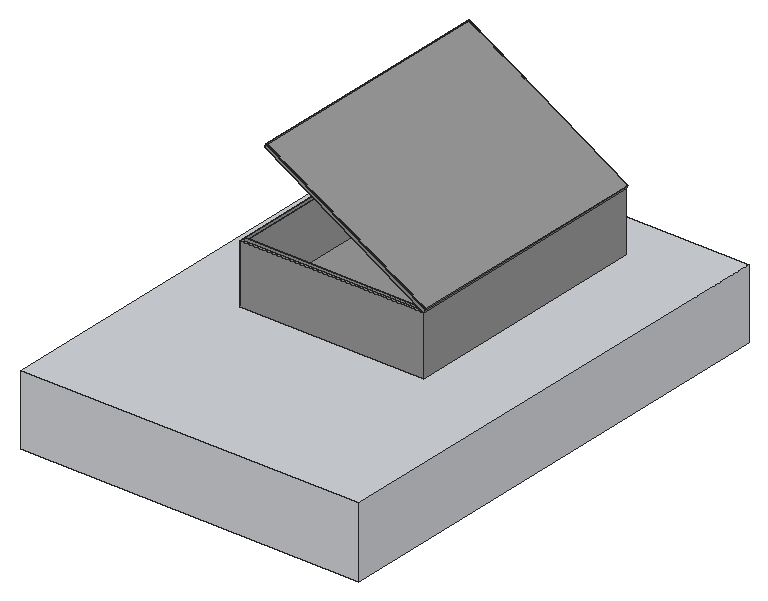
Revit family "Hager-Univers-IP55-D275-H1100-Cl.II-Steel_encl-PL-pl", category Equipement électrique, Revit 2020
Family settings
  Hôte = Face
  Configuration du panneau = Deux colonnes, circuits au sein
  Cote de connecteur circulaire = Utiliser le diamètre
  Type d'élément = Tableau de raccordement
  Couper avec des vides une fois chargée = Non
  Partagée = Non
  Point de calcul de pièce = Non
Parameters (values of type "Montaż natynkowy IP55 S800 W1100 G275  - FR73S")
  Width Control [instance] = if([EF000008 - Szerokość] > Min Width, [EF000008 - Szerokość], Min Width)  # 800 mm
  Commentaires du type = [HG000003 - Zakres]  # "Univers"
  Thickness Door [instance] = if([EF009171 - Drzwi/pokrywa z materiału o wysokiej wytrzymałości mechanicznej] > 3 mm, 3 mm, [EF009171 - Drzwi/pokrywa z materiału o wysokiej wytrzymałości mechanicznej])  # 1.5 mm
  Seal Frame Offset [instance] = 17 mm  # constant formula
  Plinth Visibility [instance] = [HG000027 - Wysokość cokołu] > 0 mm  # no
  Model = ""
  Min Width [instance] = 100 mm  # constant formula
  Min Height [instance] = 100 mm  # constant formula
  Min Depth [instance] = (2 * [EF009170 - Obudowa z materiału o wysokiej wytrzymałości mechanicznej]) + 1 mm  # 4 mm
  Internal Frame Depth [instance] = (Door System Depth * 0.5)  # 9 mm
  Height Control [instance] = if([EF000040 - Wysokość] > Min Height, [EF000040 - Wysokość], Min Height)  # 1100 mm
  HG000027 - Wysokość cokołu = 0 mm
  HG000026 - Stojąca = no
  HG000024 - Wysokość części dolnej = 800 mm
  HG000023 - Obudowa dwusekcyjna = no
  HG000016 - Widoczność drzwi w widoku 3D [instance] = yes
  HG000015 - Przestrzeń robocza - otwarcie drzwi [instance] = no
  HG000014 - Drzwi prawe [instance] = yes
  HG000013 - Drzwi lewe [instance] = not([HG000014 - Drzwi prawe])  # no
  HG000012 - Kąt otwarcia drzwi [instance] = 30.00°
  HG000010 - Drzwi asymetryczne = no
  HG000009 - Drzwi dwuskrzydłowe = no
  HG000006 - Montaż podtynkowy = no
  HG000004 - Referencja producenta = "FR73S"
  HG000003 - Zakres = "Univers"
  HG000002 - Z drzwiami lub pokrywą = yes
  Frame Offset Bottom [instance] = 10 mm  # constant formula
  Frame Offset [instance] = 15 mm  # constant formula
  EF015940 - Pokrywa z wyzwalaczem nadciśnieniowym = no
  EF011959 - Stopień ochrony (NEMA) = ""
  EF009554 - Liczba otworów pod flansze = 6
  Fabricant = "Hager"  # constant formula
  EF009212 - Wykonanie pokrywy = "EV000116 - Zamknięty"
  EF009171 - Drzwi/pokrywa z materiału o wysokiej wytrzymałości mechanicznej = 1.5 mm
  EF009170 - Obudowa z materiału o wysokiej wytrzymałości mechanicznej = 1.5 mm
  EF008873 - Prąd znamionowy (In) = 800 A
  EF007800 - Do ochrony odgromowej = no
  EF006306 - Z zamkiem = no
  EF006244 - Transparentna pokrywa/drzwi = no
  EF005474 - Stopień ochrony (IP) = "EV006420 - IP55"
  EF004464 - Rodzaj drzwi = "EV002646 - Pojedynczy"
  EF004427 - Liczba modułów = 252
  EF004293 - Odporność udarowa = "EV008784 - IK10"
  EF003532 - Do zastosowań zewnętrznych = no
  EF002950 - Szerokość wyrażona liczbą modułów = 24
  EF001613 - Podtrzymanie funkcji = "EV000494 - Brak"
  EF001596 - Materiał obudowy = "EV000179 - Stal"
  EF001131 - Głębokość wewnętrzna = 275 mm
  EF001088 - Możliwość rozbudowy = yes
  EF000437 - Liczba wejść kablowych = 6
  EF000339 - Rodzaj pokrywy = "EV004216 - Drzwi"
  EF000266 - Liczba rzędów = 7
  EF000218 - Głębokość wbudowania = 0 mm
  EF000118 - Z płytą montażową = no
  EF000116 - Numer RAL = "7035"
  EF000049 - Głębokość = 275 mm
  EF000040 - Wysokość = 1100 mm
  EF000008 - Szerokość = 800 mm
  EF000007 - Kolor = "EV000270 - Szary"
  EF000003 - Sposób montażu = "EV000384 - Montaż natynkowy"
  Door System Leaf Tolerance [instance] = 1.5 mm  # constant formula
  Door System Depth [instance] = 18 mm  # constant formula
  Door Height [instance] = Height Control - [HG000027 - Wysokość cokołu]  # 1100 mm
  Depth Control [instance] = if([EF000049 - Głębokość] > Min Depth, [EF000049 - Głębokość], Min Depth)  # 275 mm
  Default Elevation = 0 mm
  Connector Offset [instance] = Height Control / 2  # 550 mm
  Bottom Top Plate Trim [instance] = 1.5 mm  # constant formula
  Plinth height Ctrl [instance] = if([HG000027 - Wysokość cokołu] > 0 mm, [HG000027 - Wysokość cokołu], 12 mm)  # 12 mm
Types (5, lengths in mm): name | Width Control | HG000010 - Drzwi asymetryczne | HG000009 - Drzwi dwuskrzydłowe | HG000004 - Referencja producenta | EF009554 - Liczba otworów pod flansze | EF004464 - Rodzaj drzwi | EF004427 - Liczba modułów | EF000437 - Liczba wejść kablowych | EF000008 - Szerokość
  Montaż natynkowy IP55 S1050 W1100 G275  - FR74S | 1050 | no | yes | "FR74S" | 8 | "EV003602 - Podwójny" | 336 | 8 | 1050
  Montaż natynkowy IP55 S1300 W1100 G275  - FR75S | 1300 | yes | yes | "FR75S" | 10 | "EV003602 - Podwójny" | 420 | 10 | 1300
  Montaż natynkowy IP55 S300 W1100 G275  - FR71S | 300 | no | no | "FR71S" | 2 | "EV002646 - Pojedynczy" | 84 | 2 | 300
  Montaż natynkowy IP55 S550 W1100 G275  - FR72S | 550 | no | no | "FR72S" | 4 | "EV002646 - Pojedynczy" | 168 | 4 | 550
  Montaż natynkowy IP55 S800 W1100 G275  - FR73S | 800 | no | no | "FR73S" | 6 | "EV002646 - Pojedynczy" | 252 | 6 | 800
Reference planes
  plane 1 "Center (Front/Back)": y = 0
  plane 2: z = 0
  plane 3 "Center (Left/Right)": x = 0
  plane 4: z = 275
  plane 5: y = 1.5
  plane 6: y = 550
  plane 7: y = 0
  plane 8: y = 1100
  plane 9: z = 0
  plane 10: x = -385
  plane 11: x = 385
  plane 12: x = 383.5
  plane 13: x = -383.5
  plane 14: y = 1098.5
  plane 15: x = -383
  plane 16: x = -400
  plane 17: x = 383
  plane 18: x = 400
  plane 19: x = 398.5
  plane 20: x = -398.5
  plane 21: y = 11.5
  plane 22: y = 1100
  plane 23: y = 1083.5
  plane 24: z = 257
  plane 25: z = 1.5
  plane 26: z = 255.5
  plane 27: z = 273.5
Forms (mm)
  Extrusion 1, solid
    sketch origin (0, 0, 0) x (1, 0, 0) y (0, 1, 0)
      loop
        line (-702.964, 1305) -> (-702.964, -811.445) -> (766.763, -811.445) -> (766.763, 1305) -> (-702.964, 1305)
    from 0 to -304.8
  Extrusion 2, solid, material "Hager_Steel_RAL7035_Light_Grey", visible <- "Plinth Visibility", detail levels medium+fine
    sketch origin (0, 0, 0) x (1, 0, 0) y (0, 1, 0)
      loop
        line (-400, 0) -> (400, 0) -> (400, 12) -> (-400, 12) -> (-400, 0)
    from 0 to 257
  Extrusion 3, solid, material "Hager_Steel_RAL7035_Light_Grey", detail levels medium+fine
    sketch origin (0, 0, 0) x (1, 0, 0) y (0, 1, 0)
      loop
        line (-400, 0) -> (400, 0) -> (400, 1100) -> (-400, 1100) -> (-400, 0)
    from 0 to 257
  Extrusion 4, void
    sketch origin (0, 0, 0) x (1, 0, 0) y (0, 1, 0)
      loop
        line (-398.5, 1.5) -> (398.5, 1.5) -> (398.5, 1098.5) -> (-398.5, 1098.5) -> (-398.5, 1.5)
    from 1.5 to 255.5
  Extrusion 5, void
    sketch origin (-381.607, -4572, 257) x (0, -1, 0) y (-1, 0, 0)
      loop
        line (-4583.5, 1.893) -> (-5655.5, 1.893) -> (-5655.5, -765.107) -> (-4583.5, -765.107) -> (-4583.5, 1.893)
    from 0 to 1.5 <- "EF009170 - Obudowa z materiału o wysokiej wytrzymałości mechanicznej"
  Extrusion 6, solid, material "Hager_Steel_RAL7035_Light_Grey", detail levels fine
    sketch origin (0, 0, 257) x (1, 0, 0) y (0, 1, 0)
      loop
        line (-383.5, 1083.5) -> (-383.5, 11.5) -> (383.5, 11.5) -> (383.5, 1083.5) -> (-383.5, 1083.5)
      loop
        line (-385, 10) -> (385, 10) -> (385, 1085) -> (-385, 1085) -> (-385, 10)
    from 0 to 9 <- "Internal Frame Depth"
  Extrusion 7, solid, material "Hager_Steel_RAL7035_Light_Grey", detail levels coarse
    sketch origin (0, 0, 0) x (1, 0, 0) y (0, 1, 0)
      loop
        line (-400, 0) -> (400, 0) -> (400, 1100) -> (-400, 1100) -> (-400, 0)
    from 0 to 275
  Sweep 8, void
    path in 3D
      loop
        line (-400, 12, 0) -> (400, 12, 0) -> (400, 12, 257) -> (-400, 12, 257) -> (-400, 12, 0)
    profile origin (-400, 12, 128.5) x (-1, 0, 0) y (0, -1, 0)
      loop
        line (0, 0) -> (0, 1.5) -> (-1.5, 1.5)
        arc (-1.5, 1.5) -> (-1.061, 0.439) -> (0, 0) r 1.5
Cuts and joins
  Extrusion 4, Extrusion 5 cuts Extrusion 3
  Sweep 8 cuts Extrusion 2
Lines and regions (mm)
  Masking region 1
    outline origin (0, 0, 0) x (1, 0, 0) y (0, 0, 1)
      loop
        line (-400, 275) -> (-400, 0) -> (400, 0) -> (400, 275) -> (-400, 275)
  Masking region 2, detail levels medium+fine
    outline origin (0, 140, 0) x (0, 1, 0) y (0, 0, 1)
      loop
        line (-140, 0) -> (960, 0) -> (960, 257) -> (-140, 257) -> (-140, 0)
  Masking region 3, not visible, detail levels medium+fine
    outline origin (0, 297.922, 0) x (0, 1, 0) y (0, 0, 1)
      loop
        line (263.578, 0) -> (303.578, 0) -> (303.578, 263.5)
        arc (303.578, 263.5) -> (300.649, 270.571) -> (293.578, 273.5) r 10
        line (293.578, 273.5) -> (263.578, 273.5) -> (263.578, 0)
  Masking region 4, detail levels coarse
    outline origin (0, 0, 180) x (0, 1, 0) y (0, 0, 1)
      loop
        line (0, -180) -> (1100, -180) -> (1100, 95) -> (0, 95) -> (0, -180)
  Masking region 5, visible <- "Plinth Visibility", detail levels medium+fine
    outline origin (0, 52.24, 12.345) x (0, 0, -1) y (0, 1, 0)
      loop
        line (10.845, -40.24) -> (-243.155, -40.24)
        arc (-243.155, -40.24) -> (-243.594, -41.301) -> (-244.655, -41.74) r 1.5
        line (-244.655, -41.74) -> (-244.655, -52.24) -> (12.345, -52.24) -> (12.345, -41.74)
        arc (12.345, -41.74) -> (11.285, -41.301) -> (10.845, -40.24) r 1.5
  Masking region 6, detail levels medium+fine
    outline origin (-381.607, -4572, 257) x (-1, 0, 0) y (0, -1, 0)
      loop
        line (18.393, -5672) -> (18.393, -4572) -> (-781.607, -4572) -> (-781.607, -5672) -> (18.393, -5672)
  Masking region 7, visible <- "Plinth Visibility", detail levels medium+fine
    outline origin (-381.607, -4727, 257) x (-1, 0, 0) y (0, -1, 0)
      loop
        arc (16.893, -4739) -> (17.332, -4737.939) -> (18.393, -4737.5) r 1.5
        line (18.393, -4737.5) -> (18.393, -4727) -> (-781.607, -4727) -> (-781.607, -4737.5)
        arc (-781.607, -4737.5) -> (-780.546, -4737.939) -> (-780.107, -4739) r 1.5
        line (-780.107, -4739) -> (16.893, -4739)
  Masking region 8, detail levels coarse
    outline origin (-442.548, -4669.526, 257) x (-1, 0, 0) y (0, -1, 0)
      loop
        line (-42.548, -5769.526) -> (-42.548, -4669.526) -> (-842.548, -4669.526) -> (-842.548, -5769.526) -> (-42.548, -5769.526)
  sketch lines
    curve 1: line (-400, 12, 257) -> (-400, 12, 0)
    curve 2: line (400, 12, 257) -> (-400, 12, 257)
    curve 3: line (400, 12, 257) -> (400, 12, 0)
    curve 4: line (-400, 12, 0) -> (400, 12, 0)
Dimensions and locks
  "Depth Control": plane 4 to Extrusion 1
  "HG000027 - Wysokość cokołu": plane 1 "Center (Front/Back)" to plane 7
  "EF009170 - Obudowa z materiału o wysokiej wytrzymałości mechanicznej": plane 5 to plane 7
  locked: connector elem to plane 3 "Center (Left/Right)"
  equal spacing: plane 8, plane 6, plane 7
  locked: connector elem to plane 6
  "EF009170 - Obudowa z materiału o wysokiej wytrzymałości mechanicznej": plane 8 to plane 14
  "EF009170 - Obudowa z materiału o wysokiej wytrzymałości mechanicznej": plane 10 to plane 13
  "EF009170 - Obudowa z materiału o wysokiej wytrzymałości mechanicznej": plane 12 to plane 11
  "Frame Offset": plane 20 to plane 13
  "Frame Offset": plane 12 to plane 19
  "EF009170 - Obudowa z materiału o wysokiej wytrzymałości mechanicznej": plane 16 to plane 20
  "EF009170 - Obudowa z materiału o wysokiej wytrzymałości mechanicznej": plane 19 to plane 18
  "Seal Frame Offset": plane 16 to plane 15
  "Seal Frame Offset": plane 17 to plane 18
  "Frame Offset Bottom": plane 21 to plane 5
  "Frame Offset": plane 14 to plane 23
  equal spacing: plane 16, plane 3 "Center (Left/Right)", plane 18
  "Width Control": plane 16 to plane 18
  "EF009170 - Obudowa z materiału o wysokiej wytrzymałości mechanicznej": plane 4 to plane 27
  "EF009170 - Obudowa z materiału o wysokiej wytrzymałości mechanicznej": plane 24 to plane 26
  "EF009170 - Obudowa z materiału o wysokiej wytrzymałości mechanicznej": plane 25 to level
  "Door System Depth": plane 4 to plane 24
  "Height Control": plane 1 "Center (Front/Back)" to Extrusion 7 sketch curve
  "Height Control": Masking region 4 sketch curve to plane 1 "Center (Front/Back)"
  "Height Control": plane 1 "Center (Front/Back)" to plane 22
  "Bottom Top Plate Trim": profile plane to Sweep 8 sketch curve
  "Bottom Top Plate Trim": Sweep 8 sketch curve to profile plane
  "Plinth height Ctrl": plane 1 "Center (Front/Back)" to Extrusion 2 sketch curve
  "Plinth height Ctrl": Masking region 5 sketch curve to plane 1 "Center (Front/Back)"
  "Plinth height Ctrl": plane 1 "Center (Front/Back)" to Masking region 7 sketch curve
  "Thickness Door": Extrusion 6 sketch curve to Extrusion 6 sketch curve  (x3)
  "Thickness Door": cut or joined group of Extrusion 3, Extrusion 4, Extrusion 5 to Extrusion 6 sketch curve
  radius of Masking region 3 sketch curve = 10 mm
  "Bottom Top Plate Trim": radius of Masking region 5 sketch curve  (x2)
  "Bottom Top Plate Trim": radius of Sweep 8 sketch curve
  "Bottom Top Plate Trim": radius of Masking region 7 sketch curve  (x2)
  aligned and locked: plane 2 to Extrusion 1
  aligned and locked: level to Extrusion 1
  aligned and locked: level to Masking region 1 sketch curve
  aligned and locked: Masking region 1 sketch curve to plane 18
  aligned and locked: Masking region 1 sketch curve to plane 16
  aligned and locked: plane 7 to Masking region 2 sketch curve
  aligned and locked: level to Masking region 3 sketch curve
  aligned and locked: Masking region 3 sketch curve to plane 27
  aligned and locked: level to Masking region 2 sketch curve
  aligned and locked: plane 1 "Center (Front/Back)" to Extrusion 2 sketch curve
  aligned and locked: Extrusion 3 sketch curve to plane 7
  aligned and locked: plane 16 to Extrusion 3 sketch curve
  aligned and locked: plane 18 to Extrusion 3 sketch curve
  aligned and locked: plane 20 to Extrusion 4 sketch curve
  aligned and locked: plane 19 to Extrusion 4 sketch curve
  aligned and locked: Extrusion 4 sketch curve to plane 5
  aligned and locked: Extrusion 4 to plane 25
  aligned and locked: plane 26 to Extrusion 4
  aligned and locked: plane 24 to Extrusion 3
  aligned and locked: Extrusion 5 sketch curve to plane 21
  aligned and locked: Extrusion 5 sketch curve to plane 13
  aligned and locked: Extrusion 5 sketch curve to plane 12
  aligned and locked: plane 18 to Extrusion 7 sketch curve
  aligned and locked: plane 1 "Center (Front/Back)" to Extrusion 7 sketch curve
  aligned and locked: plane 16 to Extrusion 7 sketch curve
  aligned and locked: plane 4 to Extrusion 7
  aligned and locked: Extrusion 7 to level
  aligned and locked: level to Masking region 4 sketch curve
  aligned and locked: Masking region 4 sketch curve to plane 1 "Center (Front/Back)"
  aligned and locked: Masking region 4 sketch curve to plane 4
  aligned and locked: nested 1 to level
  aligned and locked: nested 1 to plane 16
  aligned and locked: plane 8 to Extrusion 3 sketch curve
  aligned and locked: plane 23 to Extrusion 5 sketch curve
  aligned and locked: plane 14 to Extrusion 4 sketch curve
  aligned and locked: Masking region 2 sketch curve to plane 8
  aligned and locked: level to Masking region 5 sketch curve
  aligned and locked: plane 16 to Extrusion 2 sketch curve
  aligned and locked: plane 18 to Extrusion 2 sketch curve
  aligned and locked: Masking region 5 sketch curve to plane 24
  aligned and locked: Masking region 2 sketch curve to plane 24
  aligned and locked: plane 24 to Extrusion 2
  aligned and locked: profile plane to Sweep 8 sketch curve  (x2)
  aligned and locked: Masking region 6 sketch curve to plane 18
  aligned and locked: Masking region 6 sketch curve to plane 22
  aligned and locked: Masking region 6 sketch curve to plane 16
  aligned and locked: plane 8 to plane 22
  aligned and locked: Masking region 6 sketch curve to plane 7
  aligned and locked: Masking region 7 sketch curve to plane 16
  aligned and locked: Masking region 7 sketch curve to plane 1 "Center (Front/Back)"
  aligned and locked: Masking region 7 sketch curve to plane 18
  aligned and locked: Masking region 8 sketch curve to plane 1 "Center (Front/Back)"
  aligned and locked: Masking region 8 sketch curve to plane 18
  aligned and locked: Masking region 8 sketch curve to plane 22
  aligned and locked: Masking region 8 sketch curve to plane 16
  aligned and locked: nested 2 to plane 7
  aligned and locked: plane 3 "Center (Left/Right)" to nested 2
  aligned and locked: nested 2 to plane 24
  aligned and locked: Extrusion 6 sketch curve to cut or joined group of Extrusion 3, Extrusion 4, Extrusion 5  (x4)
Automatic sketch dimensions
  Extrusion 1 sketch curve to Extrusion 1 sketch curve = 1469.727 mm
  Extrusion 1 sketch curve to Extrusion 1 sketch curve = 2116.445 mm
  Masking region 1 sketch curve to plane 4 = 0 mm
  plane 6 to Masking region 3 sketch curve = 11.5 mm
  Masking region 3 sketch curve to Masking region 3 sketch curve = 30 mm
  Masking region 5 sketch curve to plane 1 "Center (Front/Back)" = 0 mm
Nested families
  nested 1: "Hager_Enclosure_Symbol" at (-400, 0, 0) x (1, 0, 0) z (0, -1, 0), Height <- "Depth Control", Width <- "Width Control", type "Hager_Enclosure_Symbol"
    with Width_Ctrl 800 mm, Width 800 mm, Height_Ctrl 275 mm, Height 275 mm, A_Width_Int 18.047 mm, A_Width 216.562 mm, A_Height_Ctrl 240.625 mm, A_Height 240.625 mm
  nested 2: "EC000058_Univers_Door" at (0, 0, 257) x (1, 0, 0) z (0, 1, 0), Leaf_Tolerance <- "Door System Leaf Tolerance", Angle <- "HG000012 - Kąt otwarcia drzwi", Door_Depth <- "Door System Depth", Door_Left <- "HG000013 - Drzwi lewe", Transparent <- "EF006244 - Transparentna pokrywa/drzwi", Assymetrical <- "HG000010 - Drzwi asymetryczne", Width <- "Width Control", Clearance <- "HG000015 - Przestrzeń robocza - otwarcie drzwi", Double <- "HG000009 - Drzwi dwuskrzydłowe", 3d_Door <- "HG000016 - Widoczność drzwi w widoku 3D", Lock_Visibility <- "EF006306 - Z zamkiem", Width_Ctrl <- "Width Control", Door_Right <- "HG000014 - Drzwi prawe", Door <- "HG000002 - Z drzwiami lub pokrywą", Height <- "Door Height", Thickness <- "Thickness Door", type "EC000058_Univers_Door", detail levels medium+fine
    with min_wh 4 mm, Width_Ctrl 800 mm, Width 800 mm, Transparent no, Thickness 1.5 mm, Seal_Material Hager_Rubber, Lock_Visibility no, Lock_Material Hager_Plastic_RAL9005_Jet_Black, Leaf_Width 800 mm, Leaf_Tolerance_External_Sides 0 mm, Leaf_Tolerance 1.5 mm, Leaf_Offset 0 mm, Leaf_Height 1097 mm, Leaf_2_Width 800 mm, Leaf_2_Offset 400 mm, Leaf_1_Width 800 mm, Leaf_1_Offset 400 mm, Height_Ctrl 1100 mm, Height 1100 mm, Glass_Material Hager_Glass, Double_Clearance_Ctrl no, Double no, Door_Right_Ctrl yes, Door_Right yes, Door_Material Hager_Steel_RAL7035_Light_Grey, Door_Left_Ctrl no, Door_Left no, Door_Depth 18 mm, Door yes, Clearance_Material Hager_Clearance, Clearance_Depth 800 mm, Clearance_Ctrl no, Clearance no, Assymetrical no, Angle 30.00°, 3d_Door yes
Connectors
  electrical at (0, 550, 0)
    settings: on plane 9, index 1, voltage 0 V, apparent load 0 VA, apparent load phase1 0 VA, apparent load phase2 0 VA, apparent load phase3 0 VA, power factor 1, load classification "Other", number of poles 1, system type 30, power factor state 1, is connector primary yes, connector utility no, sub classification motor no, connector description ""
Definition of nested family "EC000058_Univers_Door"
  Parameters (values of type "EC000058_Univers_Door")
    min_wh [instance] = (2 * Thickness) + 1 mm  # 11 mm
    Width_Ctrl [instance] = 400 mm
    Width [instance] = 500 mm
    Transparent [instance] = yes
    Thickness [instance] = 5 mm
    Seal_Material [instance] = none
    Lock_Visibility [instance] = yes
    Lock_Material [instance] = none
    Leaf_Width [instance] = if((Width_Ctrl - 2 * Leaf_Tolerance_External_Sides) > 0 mm, (Width_Ctrl - 2 * Leaf_Tolerance_External_Sides), min_wh)  # 400 mm
    Leaf_Tolerance_External_Sides [instance] = 0 mm  # constant formula
    Leaf_Tolerance [instance] = 1.5 mm
    Leaf_Offset [instance] = 0 mm  # constant formula
    Leaf_Height [instance] = if((Height_Ctrl - 2 * Leaf_Tolerance) > 0 mm, (Height_Ctrl - 2 * Leaf_Tolerance), min_wh)  # 497 mm
    Leaf_2_Width [instance] = if(and(and(Double, Assymetrical), Door_Left), (Leaf_Width / 3) - (Leaf_Tolerance / 2), if(and(and(Double, Assymetrical), Door_Right), (Leaf_Width / 3) * 2 - (Leaf_Tolerance / 2), if(and(Double, not(Assymetrical)), (Leaf_Width / 2) - Leaf_Tolerance, Leaf_Width)))  # 400 mm
    Leaf_2_Offset [instance] = if(and(Double, Assymetrical), Leaf_2_Width / 2, if(and(Double, not(Assymetrical)), Leaf_Width / 4, Leaf_Width / 2))  # 200 mm
    Leaf_1_Width [instance] = if(and(and(Double, Assymetrical), Door_Right), (Leaf_Width / 3) - (Leaf_Tolerance / 2), if(and(and(Double, Assymetrical), Door_Left), (Width / 3) * 2 - (Leaf_Tolerance / 2), if(and(Double, not(Assymetrical)), (Leaf_Width / 2) - Leaf_Tolerance, Leaf_Width)))  # 400 mm
    Leaf_1_Offset [instance] = if(and(Double, Assymetrical), Leaf_1_Width / 2, if(and(Double, not(Assymetrical)), Leaf_Width / 4, Leaf_Width / 2))  # 200 mm
    Height_Ctrl [instance] = if(Height > min_wh, Height, min_wh)  # 500 mm
    Height [instance] = 500 mm
    Glass_Material [instance] = none
    Double_Clearance_Ctrl [instance] = and(Double, Clearance)  # no
    Double [instance] = no
    Door_Right_Ctrl [instance] = and(or(Door_Right, Double), Door)  # yes
    Door_Right [instance] = yes
    Door_Material [instance] = none
    Door_Left_Ctrl [instance] = and(or(Door_Left, Double), Door)  # no
    Door_Left [instance] = no
    Door_Depth [instance] = 30 mm
    Door [instance] = yes
    Default Elevation = 1219.2 mm
    Clearance_Material [instance] = none
    Clearance_Depth [instance] = if(Leaf_1_Width > Leaf_2_Width, Leaf_1_Width, Leaf_2_Width)  # 400 mm
    Clearance_Ctrl [instance] = and(not(Double), Clearance)  # yes
    Clearance [instance] = yes
    Assymetrical [instance] = yes
    Angle [instance] = 30.00°
    3d_Door [instance] = yes
  Reference planes
    plane 1 "Center (Front/Back)": y = 0
    plane 2 "Bottom": z = 0
    plane 3 "Center (Left/Right)": x = 0
    plane 4: z = 500
    plane 5: x = -200
    plane 6: x = 200
    plane 7: z = 500
    plane 8: x = -200
    plane 9: z = 0
    plane 10: x = 200
    plane 11: y = 0
    plane 12: z = 1.5
    plane 13: x = -600
    plane 14: y = -400
    plane 15: x = 600
    plane 16: x = 0
    plane 17: x = 0
    plane 18: x = -200
    plane 19: x = 200
    plane 20: z = 498.5
  Forms (mm)
    Extrusion 1, solid, material <- "Clearance_Material", visible <- "Double_Clearance_Ctrl"
      sketch origin (1200, 0, 0) x (1, 0, 0) y (0, 0, -1)
        loop
          line (-1800, -498.5) -> (-600, -498.5) -> (-600, 0) -> (-1800, 0) -> (-1800, -498.5)
      from 0 to -400
  Dimensions and locks
    equal spacing: plane 5, plane 3 "Center (Left/Right)", plane 6
    "Width_Ctrl": plane 5 to plane 6
    "Leaf_Offset": plane 5 to plane 8
    "Leaf_Offset": plane 6 to plane 10
    "Leaf_Offset": plane 9 to level
    "Leaf_Offset": plane 4 to plane 7
    "Height_Ctrl": plane 4 to level
    "Leaf_Tolerance": plane 12 to plane 9
    locked: plane 11 to plane 1 "Center (Front/Back)"
    "Leaf_1_Offset": plane 18 to plane 16
    "Leaf_2_Offset": plane 17 to plane 19
    "Leaf_1_Width": plane 13 to plane 8
    "Leaf_2_Width": plane 10 to plane 15
    "Clearance_Depth": plane 14 to plane 1 "Center (Front/Back)"
    "Leaf_Tolerance_External_Sides": plane 8 to plane 18
    "Leaf_Tolerance_External_Sides": plane 19 to plane 10
    "Leaf_Tolerance": plane 7 to plane 20
    aligned and locked: level to plane 2 "Bottom"
    aligned and locked: nested 1 to plane 16
    aligned and locked: nested 2 to plane 17
    aligned and locked: Extrusion 1 to plane 13
    aligned and locked: plane 15 to Extrusion 1
    aligned and locked: Extrusion 1 to plane 14
    aligned and locked: plane 12 to nested 1
    aligned and locked: nested 2 to plane 12
    aligned and locked: Extrusion 1 to plane 11
    aligned and locked: plane 20 to Extrusion 1
    aligned and locked: nested 2 to plane 11
    aligned and locked: nested 1 to plane 11
  Automatic sketch dimensions
    Extrusion 1 sketch curve to level = 0 mm
    plane 5 to Extrusion 1 sketch curve = 400 mm
    plane 6 to Extrusion 1 sketch curve = 400 mm
    Extrusion 1 sketch curve to plane 4 = 1.5 mm
  Nested families
    nested 1: "EC000058_Univers_Door_Leaf" at (0, 0, 1.5), Width <- "Leaf_1_Width", visible <- "Door_Left_Ctrl", Leaf_Height <- "Leaf_Height", Angle <- "Angle", 3d_Door <- "3d_Door", Transparent <- "Transparent", Clearance Material <- "Clearance_Material", Clearance <- "Clearance_Ctrl", Door_Material <- "Door_Material", Glass_Material <- "Glass_Material", Door_Depth <- "Door_Depth", Lock_Material <- "Lock_Material", Seal_Material <- "Seal_Material", Lock_Visibility <- "Lock_Visibility", Thickness <- "Thickness", type "EC000058_Univers_Door_Leaf"
      with Width 400 mm, Transparent_Glass_Offset 30 mm, Transparent_Ctrl yes, Transparent yes, Thickness 5 mm, Standard no, Seal_Material none, Seal_D2 8 mm, Seal_D1 1 mm, Offset_Internal_Frame 10 mm, Lock_Width 20 mm, Lock_Visibility_3d yes, Lock_Visibility yes, Lock_Thickness_3 3 mm, Lock_Thickness_2 1 mm, Lock_Thickness_1 3 mm, Lock_Radius_Offset_2 16 mm, Lock_Radius_Offset_1 15 mm, Lock_Radius_2 5 mm, Lock_Radius 6 mm, Lock_Offset 5 mm, Lock_Material none, Lock_Height 80 mm, Lock_Cover_Top_Offset_2d 17 mm, Lock_Cover_Height -65 mm, Leaf_Height 497 mm, Internal_Seal_Thickness 8 mm, Internal_Seal_Depth_2 4.5 mm, Internal_Frame_Depth 25 mm, Glass_Thickness -1 mm, Glass_Offset -2 mm, Glass_Material none, Door_Material none, Door_Depth 30 mm, Clearance Material none, Clearance yes, Angle_Ctrl 30.00°, Angle 30.00°, 3d_Door yes
    nested 2: "EC000058_Univers_Door_Leaf" at (0, 0, 1.5) x (-1, 0, 0) z (0, 0, 1), Width <- "Leaf_2_Width", visible <- "Door_Right_Ctrl", Leaf_Height <- "Leaf_Height", Angle <- "Angle", 3d_Door <- "3d_Door", Transparent <- "Transparent", Clearance Material <- "Clearance_Material", Clearance <- "Clearance_Ctrl", Door_Material <- "Door_Material", Glass_Material <- "Glass_Material", Door_Depth <- "Door_Depth", Lock_Material <- "Lock_Material", Seal_Material <- "Seal_Material", Lock_Visibility <- "Lock_Visibility", Thickness <- "Thickness", type "EC000058_Univers_Door_Leaf"
      with Width 400 mm, Transparent_Glass_Offset 30 mm, Transparent_Ctrl yes, Transparent yes, Thickness 5 mm, Standard no, Seal_Material none, Seal_D2 8 mm, Seal_D1 1 mm, Offset_Internal_Frame 10 mm, Lock_Width 20 mm, Lock_Visibility_3d yes, Lock_Visibility yes, Lock_Thickness_3 3 mm, Lock_Thickness_2 1 mm, Lock_Thickness_1 3 mm, Lock_Radius_Offset_2 16 mm, Lock_Radius_Offset_1 15 mm, Lock_Radius_2 5 mm, Lock_Radius 6 mm, Lock_Offset 5 mm, Lock_Material none, Lock_Height 80 mm, Lock_Cover_Top_Offset_2d 17 mm, Lock_Cover_Height -65 mm, Leaf_Height 497 mm, Internal_Seal_Thickness 8 mm, Internal_Seal_Depth_2 4.5 mm, Internal_Frame_Depth 25 mm, Glass_Thickness -1 mm, Glass_Offset -2 mm, Glass_Material none, Door_Material none, Door_Depth 30 mm, Clearance Material none, Clearance yes, Angle_Ctrl 30.00°, Angle 30.00°, 3d_Door yes
  Definition of nested family "EC000058_Univers_Door_Leaf"
    Parameters (values of type "EC000058_Univers_Door_Leaf")
      Width [instance] = 2000 mm
      Transparent_Glass_Offset [instance] = 30 mm
      Transparent_Ctrl [instance] = and(Transparent, [3d_Door])  # yes
      Transparent [instance] = yes
      Thickness [instance] = 5 mm
      Standard [instance] = and(not(Transparent), [3d_Door])  # no
      Seal_Material [instance] = none
      Seal_D2 [instance] = 8 mm  # constant formula
      Seal_D1 [instance] = 1 mm  # constant formula
      Offset_Internal_Frame [instance] = 10 mm  # constant formula
      Lock_Width [instance] = 20 mm  # constant formula
      Lock_Visibility_3d [instance] = and(Lock_Visibility, [3d_Door])  # yes
      Lock_Visibility [instance] = yes
      Lock_Thickness_3 [instance] = 3 mm  # constant formula
      Lock_Thickness_2 [instance] = 1 mm  # constant formula
      Lock_Thickness_1 [instance] = 3 mm  # constant formula
      Lock_Radius_Offset_2 [instance] = Lock_Radius_Offset_1 + 1 mm  # 16 mm
      Lock_Radius_Offset_1 [instance] = 15 mm  # constant formula
      Lock_Radius_2 [instance] = Lock_Radius - 1 mm  # 5 mm
      Lock_Radius [instance] = 6 mm  # constant formula
      Lock_Offset [instance] = 5 mm  # constant formula
      Lock_Material [instance] = none
      Lock_Height [instance] = 80 mm  # constant formula
      Lock_Cover_Top_Offset_2d [instance] = Lock_Radius_Offset_2 + 1 mm  # 17 mm
      Lock_Cover_Height [instance] = -(Lock_Height - Lock_Radius_Offset_1)  # -65 mm
      Leaf_Height [instance] = 2720.336 mm
      Internal_Seal_Thickness [instance] = 8 mm  # constant formula
      Internal_Seal_Depth_2 [instance] = 4.5 mm  # constant formula
      Internal_Frame_Depth [instance] = if(Door_Depth - Thickness > 5 mm, Door_Depth - Thickness, 5 mm)  # 25 mm
      Glass_Thickness [instance] = if(Thickness > 15 mm, Glass_Offset + 10 mm, -1 mm)  # -1 mm
      Glass_Offset [instance] = if(Thickness > 15 mm, -(Thickness + 10 mm) / 2, -2 mm)  # -2 mm
      Glass_Material [instance] = none
      Door_Material [instance] = none
      Door_Depth [instance] = 30 mm
      Default Elevation = 0 mm
      Clearance Material [instance] = none
      Clearance [instance] = yes
      Angle_Ctrl [instance] = if(Angle > 180.00°, 180.00°, Angle)  # 90.00°
      Angle [instance] = 90.00°
      3d_Door [instance] = yes
    Reference planes
      plane 1 "Center (Front/Back)": y = 0
      plane 2: z = 0
      plane 3 "Center (Left/Right)": x = 0
      plane 4: y = 2000
      plane 5: x = -1000
      plane 6: x = 1000
      plane 7: x = -3000
      plane 8: z = 2720.336
      plane 9: z = 30
      plane 10: z = 2690.336
      plane 11: x = 970
      plane 12: x = -970
      plane 13: y = -3
      plane 14: z = 107.833
      plane 15: y = -5
      plane 16: y = -223.314
      plane 17: x = -1000
      plane 18: z = 1360.168
      plane 19: y = 30
    Forms (mm)
      Extrusion 1, solid, material <- "Clearance Material", visible <- "Clearance"
        sketch origin (0, 0, 0) x (1, 0, 0) y (0, 0, 1)
          loop
            line (-3000, 2720.336) -> (-3000, 0) -> (1000, 0) -> (1000, 2720.336) -> (-3000, 2720.336)
        from 0 to -2000
      Extrusion 2, solid, material <- "Door_Material", visible <- "Standard", detail levels medium+fine
        sketch origin (-1000, 0, 0) x (0, 1, 0) y (-1, 0, 0)
          loop
            line (0, 30) -> (0, 25) -> (2000, 25) -> (2000, 30) -> (0, 30)
        from 0 to 2720.336 <- "Leaf_Height"
      Extrusion 3, solid, material <- "Door_Material", visible <- "Transparent_Ctrl", detail levels medium+fine
        sketch origin (-1000, 0, 0) x (0, 1, 0) y (-1, 0, 0)
          loop
            line (0, 25) -> (2000, 25) -> (2000, 30) -> (0, 30) -> (0, 25)
        from 0 to 2720.336 <- "Leaf_Height"
      Extrusion 4, void
        sketch origin (-1025, 2000, 0) x (0, 1, 0) y (0, 0, -1)
          loop
            line (-30, -2690.336) -> (-30, -30) -> (-1970, -30) -> (-1970, -2690.336) -> (-30, -2690.336)
        from 0 to 5 <- "Thickness"
      Sweep 5, solid, material <- "Seal_Material", visible <- "Transparent_Ctrl", detail levels fine
        path in 3D
          loop
            line (-1025, 30, 30) -> (-1025, 30, 2690.336) -> (-1025, 1970, 2690.336) -> (-1025, 1970, 30) -> (-1025, 30, 30)
        profile origin (-1025, 1000, 30) x (1, 0, 0) y (0, 0, 1)
          loop
            line (0, 0) -> (0, -8) -> (1, -8) -> (1, 0) -> (0, 0)
      Extrusion 6, solid, material <- "Glass_Material", visible <- "Transparent_Ctrl", detail levels medium+fine
        sketch origin (-1030, 0, 0) x (0, 1, 0) y (0, 0, -1)
          loop
            line (1970, -2690.336) -> (1970, -30) -> (30, -30) -> (30, -2690.336) -> (1970, -2690.336)
        from -2 <- "Glass_Offset" to -1 <- "Glass_Thickness"
      Extrusion 7, solid, material <- "Door_Material", visible <- "3d_Door", detail levels medium+fine
        sketch origin (-1025, 2000, 0) x (0, -1, 0) y (0, 0, -1)
          loop
            line (0, -2720.336) -> (2000, -2720.336) -> (2000, 0) -> (0, 0) -> (0, -2720.336)
          loop
            line (1995, -5) -> (5, -5) -> (5, -2715.336) -> (1995, -2715.336) -> (1995, -5)
        from 0 to 25 <- "Internal_Frame_Depth"
      Sweep 8, solid, material <- "Seal_Material", visible <- "Transparent_Ctrl", detail levels fine
        path in 3D
          loop
            line (-1025, 0, 0) -> (-1025, 2000, 0) -> (-1025, 2000, 2720.336) -> (-1025, 0, 2720.336) -> (-1025, 0, 0)
        profile origin (-1025, 0, 1360.168) x (1, 0, 0) y (0, 1, 0)
          loop
            line (0, 10) -> (2.975, 10)
            arc (2.975, 10) -> (4.053, 10.447) -> (4.5, 11.525) r 1.525
            line (4.5, 11.525) -> (4.5, 16.527)
            arc (4.5, 16.527) -> (4.069, 17.569) -> (3.027, 18) r 1.473
            line (3.027, 18) -> (0, 18) -> (0, 10)
      Extrusion 9, solid, material <- "Lock_Material", visible <- "Lock_Visibility_3d", detail levels fine
        sketch origin (-1030, 0, 0) x (0, 1, 0) y (0, 0, -1)
          loop
            arc (1993.5, -1400.168) -> (1994.561, -1399.729) -> (1995, -1398.668) r 1.5
            line (1995, -1398.668) -> (1995, -1320.168) -> (1975, -1320.168) -> (1975, -1398.668)
            arc (1975, -1398.668) -> (1975.439, -1399.729) -> (1976.5, -1400.168) r 1.5
            line (1976.5, -1400.168) -> (1993.5, -1400.168)
        from 3 <- "Lock_Thickness_1" to 0
      Blend 10, solid, material <- "Lock_Material", visible <- "Lock_Visibility_3d", detail levels fine
        base sketch origin (-1033, 0, 0) x (0, 1, 0) y (0, 0, -1)
          loop
            line (1975, -1320.168) -> (1975, -1398.668)
            arc (1975, -1398.668) -> (1975.439, -1399.729) -> (1976.5, -1400.168) r 1.5
            line (1976.5, -1400.168) -> (1993.5, -1400.168)
            arc (1993.5, -1400.168) -> (1994.561, -1399.729) -> (1995, -1398.668) r 1.5
            line (1995, -1398.668) -> (1995, -1320.168) -> (1975, -1320.168)
        top sketch origin (-1033, 0, 0) x (0, 1, 0) y (0, 0, -1)
          loop
            line (1976, -1320.168) -> (1976, -1398.668)
            arc (1976, -1398.668) -> (1976.146, -1399.022) -> (1976.5, -1399.168) r 0.5
            line (1976.5, -1399.168) -> (1993.5, -1399.168)
            arc (1993.5, -1399.168) -> (1993.854, -1399.022) -> (1994, -1398.668) r 0.5
            line (1994, -1398.668) -> (1994, -1320.168) -> (1976, -1320.168)
        from 0 to 1 <- "Lock_Thickness_2"
      Blend 11, solid, material <- "Lock_Material", visible <- "Lock_Visibility_3d", detail levels fine
        base sketch origin (-1034, 0, 0) x (0, 1, 0) y (0, 0, -1)
          loop
            line (1978, -1320.168) -> (1978, -1384.168)
            arc (1978, -1384.168) -> (1985, -1391.168) -> (1992, -1384.168) r 7
            line (1992, -1384.168) -> (1992, -1320.168) -> (1978, -1320.168)
        top sketch origin (-1034, 0, 0) x (0, 1, 0) y (0, 0, -1)
          loop
            line (1991, -1320.168) -> (1979, -1320.168) -> (1979, -1383.168)
            arc (1979, -1383.168) -> (1985, -1389.168) -> (1991, -1383.168) r 6
            line (1991, -1383.168) -> (1991, -1320.168)
        from 0 to 3 <- "Lock_Thickness_3"
      Extrusion 12, solid, material <- "Lock_Material", visible <- "Lock_Visibility_3d", detail levels fine
        sketch origin (-1030, 1975, 1320.168) x (1, 0, 0) y (0, -1, 0)
          loop
            line (-7, -19) -> (-7, -1) -> (0, -1) -> (0, 0) -> (-8, 0) -> (-8, -20) -> (0, -20) -> (0, -19) -> (-7, -19)
        from 0 to -65 <- "Lock_Cover_Height"
      Extrusion 13, void
        sketch origin (-1038, 1995, 1320.168) x (-1, 0, 0) y (0, 0, -1)
          loop
            line (-5, -65) -> (0, -65) -> (-5, -60) -> (-5, -65)
        from 0 to 20 <- "Lock_Width"
      Extrusion 14, void
        sketch origin (-1038, 1975, 1320.168) x (0, -1, 0) y (0, 0, -1)
          loop
            circle (-10, -15.995) r 6
          loop
            circle (-10, -15.995) r 5
        from 0 to 2
      Extrusion 15, solid, material <- "Lock_Material", visible <- "Lock_Visibility_3d", detail levels medium
        sketch origin (-1030, 0, 0) x (0, 1, 0) y (0, 0, -1)
          loop
            arc (1993.5, -1400.168) -> (1994.561, -1399.729) -> (1995, -1398.668) r 1.5
            line (1995, -1398.668) -> (1995, -1320.168) -> (1975, -1320.168) -> (1975, -1398.668)
            arc (1975, -1398.668) -> (1975.439, -1399.729) -> (1976.5, -1400.168) r 1.5
            line (1976.5, -1400.168) -> (1993.5, -1400.168)
        from 8 to 0
    Cuts and joins
      Extrusion 4 cuts Extrusion 3
      Extrusion 13, Extrusion 14 cuts Extrusion 9
      Extrusion 14 cuts Blend 11
      Extrusion 13, Extrusion 14 cuts Extrusion 12
      joined: Extrusion 9, Blend 10, Blend 11, Extrusion 12
      Extrusion 14 cuts Extrusion 15
    Lines and regions (mm)
      Masking region 1, visible <- "Lock_Visibility", detail levels fine
        outline origin (0, 0, 0) x (0, 1, 0) y (0, 0, 1)
          loop
            line (30, 1320.168) -> (33, 1320.168) -> (33, 1400.168) -> (30, 1400.168) -> (30, 1320.168)
      Masking region 2, visible <- "Lock_Visibility", detail levels fine
        outline origin (0, 3.143, 0) x (0, 1, 0) y (0, 0, 1)
          loop
            line (29.857, 1354.168) -> (30.857, 1354.168) -> (30.857, 1366.168) -> (29.857, 1366.168) -> (29.857, 1354.168)
      Masking region 3, detail levels medium+fine
        outline origin (0, 0, 0) x (0, 1, 0) y (0, 0, 1)
          loop
            line (0, 0) -> (30, 0) -> (30, 2720.336) -> (0, 2720.336) -> (0, 0)
      Masking region 4, detail levels medium+fine
        outline origin (0, 0, 0) x (1, 0, 0) y (0, 0, 1)
          loop
            line (-1000, 2720.336) -> (-1000, 0) -> (1000, 0) -> (1000, 2720.336) -> (-1000, 2720.336)
      Masking region 5, visible <- "Lock_Visibility", detail levels fine
        outline origin (-47.116, 0, 0) x (1, 0, 0) y (0, 0, 1)
          loop
            arc (1024.616, 1399.168) -> (1023.556, 1398.729) -> (1023.116, 1397.668) r 1.5
            line (1023.116, 1397.668) -> (1023.116, 1320.168) -> (1041.116, 1320.168) -> (1041.116, 1397.668)
            arc (1041.116, 1397.668) -> (1040.677, 1398.729) -> (1039.616, 1399.168) r 1.5
            line (1039.616, 1399.168) -> (1024.616, 1399.168)
      Masking region 6, visible <- "Lock_Visibility", detail levels medium+fine
        outline origin (-25, 0, 0) x (1, 0, 0) y (0, 0, 1)
          loop
            arc (1001.5, 1400.168) -> (1000.439, 1399.729) -> (1000, 1398.668) r 1.5
            line (1000, 1398.668) -> (1000, 1320.168) -> (1020, 1320.168) -> (1020, 1398.668)
            arc (1020, 1398.668) -> (1019.561, 1399.729) -> (1018.5, 1400.168) r 1.5
            line (1018.5, 1400.168) -> (1001.5, 1400.168)
      Masking region 7, visible <- "Lock_Visibility", detail levels fine
        outline origin (-73.735, 0, 0) x (1, 0, 0) y (0, 0, 1)
          loop
            line (1051.735, 1382.168) -> (1065.735, 1382.168) -> (1065.735, 1384.168)
            arc (1065.735, 1384.168) -> (1058.735, 1391.168) -> (1051.735, 1384.168) r 7
            line (1051.735, 1384.168) -> (1051.735, 1382.168)
      Masking region 8, visible <- "Lock_Visibility", detail levels fine
        outline origin (-73.735, 0, 0) x (1, 0, 0) y (0, 0, 1)
          loop
            line (1052.735, 1382.168) -> (1064.735, 1382.168) -> (1064.735, 1383.168)
            arc (1064.735, 1383.168) -> (1058.735, 1389.168) -> (1052.735, 1383.168) r 6
            line (1052.735, 1383.168) -> (1052.735, 1382.168)
      Masking region 9, visible <- "Lock_Visibility", detail levels fine
        outline origin (-25, 0, 0) x (1, 0, 0) y (0, 0, 1)
          loop
            line (1020, 1320.168) -> (1020, 1382.168) -> (1000, 1382.168) -> (1000, 1320.168) -> (1020, 1320.168)
      Masking region 10, detail levels medium+fine
        outline origin (0, 0, 0) x (1, 0, 0) y (0, 0, 1)
          loop
            circle (985, 1335.144) r 6
      Masking region 11, detail levels fine
        outline origin (0, 0, 0) x (1, 0, 0) y (0, 0, 1)
          loop
            circle (985, 1335.144) r 5
      Masking region 12, visible <- "Lock_Visibility", detail levels fine
        outline origin (0, 12.767, 0) x (0, 1, 0) y (0, 0, 1)
          loop
            line (20.233, 1320.168) -> (21.233, 1320.168) -> (21.233, 1399.168) -> (20.233, 1400.168) -> (20.233, 1320.168)
      Masking region 13, visible <- "Lock_Visibility", detail levels fine
        outline origin (0, 13.767, -10) x (0, 1, 0) y (0, 0, 1)
          loop
            line (20.233, 1330.168) -> (23.233, 1330.168) -> (23.233, 1399.168) -> (20.233, 1402.168) -> (20.233, 1330.168)
      Masking region 14, visible <- "Lock_Visibility", detail levels fine
        outline origin (0, 12.767, -10) x (0, 1, 0) y (0, 0, 1)
          loop
            line (20.233, 1330.168) -> (25.233, 1330.168) -> (25.233, 1399.305) -> (20.233, 1394.305) -> (20.233, 1330.168)
      Masking region 15, visible <- "Lock_Visibility", detail levels medium
        outline origin (0, 0, 0) x (0, 1, 0) y (0, 0, 1)
          loop
            line (30, 1320.168) -> (38, 1320.168) -> (38, 1400.168) -> (30, 1400.168) -> (30, 1320.168)
      Masking region 16, visible <- "Lock_Visibility", detail levels fine
        outline origin (-1000, 0, 0) x (0, 1, 0) y (-1, 0, 0)
          loop
            line (1975, 30) -> (1995, 30) -> (1995, 38) -> (1975, 38) -> (1975, 30)
          loop
            line (1979, 37) -> (1976, 37) -> (1976, 34) -> (1978, 34) -> (1979, 37)
          loop
            line (1994, 37) -> (1991, 37) -> (1992, 34) -> (1994, 34) -> (1994, 37)
      Masking region 17, visible <- "Lock_Visibility", detail levels medium
        outline origin (-1000, 0, 0) x (0, 1, 0) y (-1, 0, 0)
          loop
            line (1975, 30) -> (1995, 30) -> (1995, 38) -> (1975, 38) -> (1975, 30)
      symbolic lines
        curve 1: line (1000, 0, 0) -> (-3000, 0, 0)
        curve 2: arc (1000, 0, 0) -> (-1000, 2000, 0) -> (-3000, 0, 0) r 2000
        curve 4: line (-1030, 0, 0) -> (-1030, 2000, 0)
      reference lines
        curve 3: line (-1000, 0, 0) -> (-1000, 2000, 0)
      symbolic lines, detail levels medium+fine
        curve 5: line (-1030, 2000, 0) -> (-1025, 2000, 0)
        curve 7: line (-1025, 0, 0) -> (-1030, 0, 0)
        curve 8: line (-1025, 0, 0) -> (-1000, 0, 0)
        curve 9: line (-1000, 0, 0) -> (-1000, 2000, 0)
        curve 10: line (-1000, 2000, 0) -> (-1025, 2000, 0)
      symbolic lines, detail levels fine
        curve 6: line (-1025, 2000, 0) -> (-1025, 0, 0)
      sketch lines
        curve 11: line (-1025, 0, 2720.336) -> (-1025, 0, 0)
        curve 12: line (-1025, 2000, 0) -> (-1025, 0, 0)
        curve 13: line (-1025, 2000, 2720.336) -> (-1025, 2000, 0)
        curve 14: line (-1025, 0, 2720.336) -> (-1025, 2000, 2720.336)
        curve 15: line (-1025, 1970, 30) -> (-1025, 30, 30)
        curve 16: line (-1025, 30, 30) -> (-1025, 30, 2690.336)
        curve 17: line (-1025, 1970, 2690.336) -> (-1025, 1970, 30)
        curve 18: line (-1025, 30, 2690.336) -> (-1025, 1970, 2690.336)
      symbolic lines, visible <- "Transparent", detail levels medium+fine
        curve 19: line (-970, 0, 2690.336) -> (970, 0, 2690.336)
        curve 20: line (-970, 0, 30) -> (-970, 0, 2690.336)
        curve 21: line (970, 0, 30) -> (-970, 0, 30)
        curve 22: line (970, 0, 2690.336) -> (970, 0, 30)
    Dimensions and locks
      "Width": plane 1 "Center (Front/Back)" to plane 4
      equal spacing: plane 5, plane 3 "Center (Left/Right)", plane 6
      "Width": plane 5 to plane 6
      "Width": plane 7 to plane 5
      "Leaf_Height": plane 8 to level
      "Width": curve 5 to curve 3
      "Width": curve 3 to curve 3
      plane 8 to plane 10 = 30 mm
      plane 9 to level = 30 mm
      plane 12 to plane 5 = 30 mm
      plane 6 to plane 11 = 30 mm
      Extrusion 1 to Extrusion 4 sketch curve = 30 mm
      "Transparent_Glass_Offset": curve 3 to Extrusion 4 sketch curve
      "Transparent_Glass_Offset": Extrusion 4 sketch curve to cut or joined group of Extrusion 3, Extrusion 4  (x2)
      cut or joined group of Extrusion 3, Extrusion 4 to Extrusion 6 sketch curve = 30 mm
      "Transparent_Glass_Offset": cut or joined group of Extrusion 3, Extrusion 4 to Extrusion 4 sketch curve
      "Thickness": curve 6 to curve 4
      "Thickness": Extrusion 7 sketch curve to Extrusion 7 sketch curve  (x4)
      "Door_Depth": curve 4 to curve 3
      "Offset_Internal_Frame": profile plane to Sweep 8 sketch curve
      "Internal_Seal_Thickness": Sweep 8 sketch curve to Sweep 8 sketch curve
      "Internal_Seal_Depth_2": profile plane to Sweep 8 sketch curve
      "Seal_D1": profile plane to Sweep 5 sketch curve
      "Seal_D2": profile plane to Sweep 5 sketch curve
      "Thickness": Extrusion 2 sketch curve to Extrusion 2 sketch curve
      equal spacing: Extrusion 9 sketch curve, plane 18, Extrusion 9 sketch curve  (x2)
      equal spacing: Masking region 1 sketch curve, plane 18, Masking region 1 sketch curve
      "Lock_Height": Masking region 1 sketch curve to Masking region 1 sketch curve
      "Lock_Radius": Masking region 2 sketch curve to plane 18 to Masking region 2 sketch curve
      Masking region 2 sketch curve to Masking region 1 = 1 mm
      "Door_Depth": plane 19 to plane 1 "Center (Front/Back)"
      "Lock_Thickness_1": Masking region 1 sketch curve to plane 19
      "Lock_Width": Extrusion 9 sketch curve to Extrusion 9 sketch curve
      "Lock_Height": Extrusion 9 sketch curve to Extrusion 9 sketch curve
      "Lock_Offset": cut or joined group of Extrusion 3, Extrusion 4 to Extrusion 9 sketch curve
      equal spacing: plane 8, plane 18, level
      "Lock_Radius_Offset_1": Blend 11 sketch curve to Blend 10
      locked: Blend 10 to Blend 11 sketch curve at 2  (x2)
      locked: var sketch to Blend 11 sketch curve at 1  (x2)
      "Lock_Radius_Offset_2": Blend 11 sketch curve to Blend 10
      locked: Extrusion 12 sketch curve to Extrusion 12 sketch curve at 1  (x3)
      Masking region 6 sketch curve to Masking region 6 sketch curve = 80 mm
      "Lock_Height": Masking region 6 sketch curve to Masking region 6 sketch curve
      "Lock_Width": Masking region 6 sketch curve to Masking region 6 sketch curve
      locked: Masking region 6 to Masking region 5 sketch curve at 1  (x3)
      locked: Masking region 5 to Masking region 7 sketch curve at 2  (x2)
      "Lock_Radius_Offset_1": Masking region 5 to Masking region 7 sketch curve
      "Lock_Radius_Offset_2": Masking region 5 to Masking region 8 sketch curve
      locked: Masking region 7 to Masking region 8 sketch curve at 1  (x2)
      "Lock_Cover_Top_Offset_2d": Masking region 5 to Masking region 9 sketch curve
      equal spacing: Masking region 9, Masking region 10 sketch curve, Masking region 9
      equal spacing: Masking region 9, Masking region 11 sketch curve, Masking region 9
      Extrusion 15 sketch curve to Extrusion 15 sketch curve = 80 mm
      "Lock_Width": Extrusion 15 sketch curve to Extrusion 15 sketch curve
      "Lock_Height": Extrusion 15 sketch curve to Extrusion 15 sketch curve
      equal spacing: Extrusion 15 sketch curve, plane 18, Extrusion 15 sketch curve
      "Lock_Thickness_3": Masking region 13 sketch curve to Masking region 13 sketch curve
      "Lock_Height": Masking region 12 sketch curve to Masking region 12 sketch curve
      locked: Masking region 13 sketch curve to Masking region 1 at 8
      locked: Masking region 14 sketch curve to Masking region 13 at 1
      locked: Masking region 14 sketch curve to Masking region 1 at 10.863
      "Lock_Height": Masking region 15 sketch curve to Masking region 15 sketch curve
      "Lock_Offset": Extrusion 15 sketch curve to cut or joined group of Extrusion 3, Extrusion 4
      "Lock_Offset": plane 6 to Masking region 6 sketch curve
      radius of Sweep 8 sketch curve = 1.525 mm
      radius of Sweep 8 sketch curve = 1.473 mm
      radius of Extrusion 9 sketch curve = 1.5 mm  (x2)
      "Lock_Radius": radius of Extrusion 14 sketch curve
      "Lock_Radius_2": radius of Extrusion 14 sketch curve
      "Lock_Radius": radius of Masking region 10 sketch curve
      "Lock_Radius_2": radius of Masking region 11 sketch curve
      radius of Extrusion 15 sketch curve = 1.5 mm  (x2)
      "Angle_Ctrl": angle plane 1 "Center (Front/Back)" to curve 3
      locked: Masking region 12 sketch curve to Masking region 12 sketch curve (angle 45.00°)
      locked: Masking region 13 sketch curve to Masking region 13 sketch curve (angle 45.00°)
      locked: Masking region 14 sketch curve to Masking region 14 sketch curve (angle 45.00°)
      aligned and locked: level to plane 2
      aligned and locked: Extrusion 1 to curve 1
      aligned and locked: plane 6 to Extrusion 1
      aligned and locked: Extrusion 1 to plane 1 "Center (Front/Back)"
      aligned and locked: plane 4 to Extrusion 1
      aligned and locked: plane 8 to Extrusion 1
      aligned and locked: curve 7 to Extrusion 2 sketch curve
      aligned and locked: curve 5 to Extrusion 2 sketch curve
      aligned and locked: curve 7 to Extrusion 3 sketch curve
      aligned and locked: Extrusion 3 sketch curve to curve 4
      aligned and locked: Extrusion 3 sketch curve to curve 6
      aligned and locked: Extrusion 3 sketch curve to curve 5
      aligned and locked: curve 9 to curve 3
      aligned and locked: Extrusion 7 sketch curve to cut or joined group of Extrusion 3, Extrusion 4  (x4)
      aligned and locked: plane 17 to curve 3
      aligned and locked: plane 1 "Center (Front/Back)" to curve 3
      aligned and locked: plane 17 to plane 5
      aligned and locked: Sweep 8 sketch curve to profile plane
      aligned and locked: Sweep 5 sketch curve to profile plane  (x2)
      aligned and locked: Masking region 1 to Masking region 2 sketch curve
      aligned and locked: plane 19 to Masking region 1 sketch curve
      aligned and locked: plane 1 "Center (Front/Back)" to Masking region 3 sketch curve
      aligned and locked: plane 19 to Masking region 3 sketch curve
      aligned and locked: level to Masking region 3 sketch curve
      aligned and locked: Masking region 3 sketch curve to plane 8
      aligned and locked: plane 17 to Masking region 4 sketch curve
      aligned and locked: level to Masking region 4 sketch curve
      aligned and locked: Masking region 4 sketch curve to plane 8
      aligned and locked: plane 12 to curve 20
      aligned and locked: plane 10 to curve 19
      aligned and locked: plane 11 to curve 22
      aligned and locked: curve 21 to plane 9
      aligned and locked: Extrusion 2 sketch curve to cut or joined group of Extrusion 3, Extrusion 4
      aligned and locked: Blend 10 sketch curve to Extrusion 9  (x4)
      aligned and locked: Extrusion 9 to Blend 10 sketch curve
      aligned and locked: Blend 10 to Blend 11 sketch curve
      aligned and locked: Extrusion 12 sketch curve to Blend 11
      aligned and locked: Extrusion 12 sketch curve to Extrusion 9  (x4)
      aligned and locked: Masking region 5 sketch curve to Masking region 6
      aligned and locked: Masking region 9 sketch curve to Masking region 6  (x3)
      aligned and locked: Masking region 12 sketch curve to Masking region 1
      aligned and locked: Masking region 13 sketch curve to Masking region 1
      aligned and locked: Masking region 12 to Masking region 14
      aligned and locked: Masking region 14 sketch curve to Masking region 1
      aligned and locked: Masking region 15 sketch curve to Masking region 14
      aligned and locked: Masking region 13 sketch curve to Masking region 12
      aligned and locked: Masking region 16 sketch curve to cut or joined group of Extrusion 14, Extrusion 15  (x4)
      aligned and locked: Masking region 16 sketch curve to cut or joined group of Extrusion 9, Blend 10, Blend 11, Extrusion 12, Extrusion 13, Extrusion 14  (x6)
      aligned and locked: cut or joined group of Extrusion 9, Blend 10, Blend 11, Extrusion 12, Extrusion 13, Extrusion 14 to Masking region 16 sketch curve
      aligned and locked: Masking region 17 sketch curve to cut or joined group of Extrusion 14, Extrusion 15  (x3)
      aligned and locked: Masking region 17 sketch curve to cut or joined group of Extrusion 9, Blend 10, Blend 11, Extrusion 12, Extrusion 13, Extrusion 14
      aligned and locked: Masking region 9 to Masking region 8 sketch curve
      aligned and locked: Masking region 9 to Masking region 7 sketch curve
    Automatic sketch dimensions
      plane 1 "Center (Front/Back)" to curve 2 = 0 mm
      curve 2 to plane 5 = 0 mm
      Extrusion 1 sketch curve to level = 0 mm
      Extrusion 1 sketch curve to plane 7 = 0 mm
      Extrusion 1 sketch curve to plane 6 = 0 mm
      Extrusion 1 sketch curve to plane 8 = 0 mm
      Extrusion 3 to Extrusion 6 sketch curve = 30 mm  (x4)
      Masking region 4 sketch curve to plane 6 = 0 mm
      Blend 10 sketch curve to Extrusion 9 = 1.5 mm
      Blend 10 sketch curve to Extrusion 9 = 1 mm
      Extrusion 13 sketch curve to Extrusion 12 = 0 mm  (x2)
      Extrusion 12 to Extrusion 13 sketch curve = 3 mm
      Extrusion 13 sketch curve to Extrusion 12 = 5 mm
      Extrusion 14 sketch curve to Extrusion 14 sketch curve = 0 mm  (x2)
      Extrusion 14 sketch curve to Extrusion 12 = 10 mm
      Extrusion 14 sketch curve to Extrusion 12 = 15.995 mm
      Masking region 5 sketch curve to Masking region 5 sketch curve = 1.5 mm  (x2)
      Masking region 10 sketch curve to plane 18 = 25.024 mm
      Masking region 11 sketch curve to plane 18 = 25.024 mm
      plane 19 to Masking region 14 sketch curve = 3 mm
      Masking region 16 sketch curve to Masking region 16 sketch curve = 3 mm
      curve 4 to curve 3 = 0 mm
      Blend 10 to Blend 11 sketch curve = 0 mm
      Masking region 6 sketch curve to Masking region 6 sketch curve = 1.5 mm  (x2)
      Masking region 6 sketch curve to plane 18 = 40 mm
      plane 19 to Masking region 12 sketch curve = 3 mm
      Masking region 12 sketch curve to Masking region 12 sketch curve = 1 mm
      Masking region 15 sketch curve to plane 19 = 0 mm
      Masking region 15 sketch curve to plane 18 = 40 mm
      radius of Blend 10 sketch curve to Extrusion 9 = 1 mm
Definition of nested family "Hager_Enclosure_Symbol"
  Parameters (values of type "Hager_Enclosure_Symbol")
    Width_Ctrl [instance] = if(Width > 1 mm, Width, 1 mm)  # 102.27 mm
    Width [instance] = 102.27 mm
    Height_Ctrl [instance] = if(Height > 1 mm, Height, 1 mm)  # 66.5 mm
    A_Width_Int [instance] = if(A_Width / 12 > 2 mm, A_Width / 12, 2 mm)  # 4.364 mm
    A_Width [instance] = if(A_Height_Ctrl * 0.9 > 2 mm, A_Height_Ctrl * 0.9, 2 mm)  # 52.369 mm
    A_Height_Ctrl [instance] = if(A_Height > 2 mm, A_Height, 2 mm)  # 58.188 mm
    Height [instance] = 66.5 mm
    A_Height [instance] = Height - (Height / 8)  # 58.188 mm
  Reference planes
    plane 1 "Centre (avant/arrière)": y = 0
    plane 2: z = 0
    plane 3 "Centre (gauche/droite)": x = 0
    plane 4: x = 52.369
    plane 5: y = 33.042
    plane 6: y = 41.77
    plane 7: y = 66.5
    plane 8: x = 26.184
    plane 9: y = 37.406
    plane 10: x = 102.27
    plane 11: y = 66.5
    plane 12: y = 8.313
  Lines and regions (mm)
    Filled region 1, type "Solid_Black", in view "Niveau de réf."
      outline origin (0, 0, 0) x (1, 0, 0) y (0, 1, 0)
        loop
          line (52.369, 66.5) -> (33.188, 54.536) -> (45.365, 45.006) -> (52.369, 66.5)
    Filled region 2, type "Solid_Black", in view "Niveau de réf."
      outline origin (0, 0, 0) x (1, 0, 0) y (0, 1, 0)
        loop
          line (0, 0) -> (102.27, 0) -> (102.27, 66.5) -> (0, 0)
    detail lines, in view "Niveau de réf."
      curve 1: line (0, 8.313, 0) -> (26.184, 41.77, 0)
      curve 2: line (26.184, 41.77, 0) -> (26.184, 33.042, 0)
      curve 3: line (26.184, 33.042, 0) -> (52.369, 66.5, 0)
  Dimensions and locks
    "A_Width": plane 3 "Centre (gauche/droite)" to plane 4
    equal spacing: plane 3 "Centre (gauche/droite)", plane 8, plane 4
    equal spacing: plane 6, plane 9, plane 5
    equal spacing: curve 3, Filled region 1 sketch curve, Filled region 1 sketch curve
    "Height_Ctrl": plane 1 "Centre (avant/arrière)" to plane 11
    "A_Height_Ctrl": plane 11 to plane 12
    equal spacing: plane 11, plane 9, plane 12
    "A_Width_Int": plane 6 to plane 9
    "Width_Ctrl": plane 3 "Centre (gauche/droite)" to plane 10
    angle Filled region 1 sketch curve to curve 3 = 20.00°
    angle curve 3 to Filled region 1 sketch curve = 20.00°
    locked: curve 3 to Filled region 1 sketch curve (angle 90.00°)
    aligned and locked: plane 10 to Filled region 2
    aligned and locked: plane 11 to Filled region 2 sketch curve
    aligned and locked: plane 10 to Filled region 2 sketch curve
    aligned and locked: plane 3 "Centre (gauche/droite)" to curve 1
    aligned and locked: plane 12 to curve 1
    aligned and locked: plane 7 to plane 11
  Automatic sketch dimensions
    Filled region 1 sketch curve to plane 4 = 0 mm
    Filled region 1 sketch curve to plane 7 = 0 mm
    plane 1 "Centre (avant/arrière)" to Filled region 2 sketch curve = 0 mm
    Filled region 2 sketch curve to plane 3 "Centre (gauche/droite)" = 0 mm
    curve 2 to plane 6 = 0 mm
    curve 2 to plane 8 = 0 mm
    curve 3 to plane 4 = 0 mm
    curve 2 to plane 5 = 0 mm
    curve 3 to plane 7 = 0 mm
